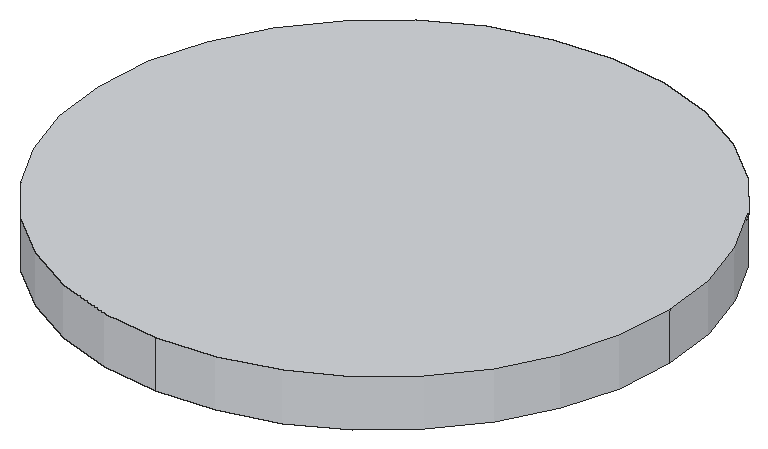
Revit family "a2218fff77af414da0526c694aa766b9", category Air Terminals, host Face, Revit 2021
Family settings
  Host = Face
  Round Connector Dimension = Use Radius
  Part Type = Normal
  OmniClass Number = 23.75.70.21.27
  OmniClass Title = Air Outlets and Inlets
  Seek Item ID = Round Duct Connector - Other Air - Air Terminal-0000-USA-ENU
  Cut with Voids When Loaded = No
  Shared = No
  Room Calculation Point = No
Parameters (values of type "Standard")
  TopArrowVisible [instance] = yes
  Thickness = 1"
  RightArrowVisible [instance] = yes
  Radius = 6"
  LeftArrowVisible [instance] = yes
  Flow [instance] = 100 CFM
  Diameter = Radius * 2  # 12"
  Default Elevation = 0' - 0"
  BottomArrowVisible [instance] = yes
  Assembly Code = ""
  Arrow Offset = 1' - 2 1/4"
Reference planes (in)
  plane 1 "Center (Front/Back)": y = 0
  plane 2: z = 0
  plane 3 "Center (Left/Right)": x = 0
Forms (in)
  Sweep 1, solid
    path in 3D
      loop
        line (0, 0, 0) -> (0, 0, 1)
    profile "Duct - Round : Duct - Round" origin (0, 0, 0.5) x (0, -1, 0) y (1, 0, 0)
      loop
        arc (-6, 0) -> (-4.24264, -4.24264) -> (0, -6) r 6
        arc (0, -6) -> (4.24264, -4.24264) -> (6, 0) r 6
        arc (6, 0) -> (4.24264, 4.24264) -> (0, 6) r 6
        arc (0, 6) -> (-4.24264, 4.24264) -> (-6, 0) r 6
Lines and regions (in)
  reference lines
    curve 1: line (0, 0, 0) -> (0, 0, 1)
  sketch lines
    curve 2: line (0, 0, 0) -> (0, 0, 1)
Dimensions and locks (in)
  "Thickness": curve 1 to curve 1
  "Arrow Offset": plane 1 "Center (Front/Back)" to nested 2
  "Arrow Offset": nested 1 to plane 3 "Center (Left/Right)"
  "Arrow Offset": plane 1 "Center (Front/Back)" to nested 4
  "Arrow Offset": plane 3 "Center (Left/Right)" to nested 3
  aligned and locked: plane 2 to host face
  aligned and locked: level to host face
  aligned and locked: host face to curve 1
  aligned and locked: curve 1 to plane 1 "Center (Front/Back)"
  aligned and locked: nested 2 to plane 3 "Center (Left/Right)"
  aligned and locked: plane 1 "Center (Front/Back)" to nested 1
  aligned and locked: plane 3 "Center (Left/Right)" to nested 4
  aligned and locked: nested 3 to plane 1 "Center (Front/Back)"
Automatic sketch dimensions
  host sketch curve to host sketch curve = 8' - 0"  (x2)
Nested families (in)
  nested 1: "Duct Terminal Arrow_Reverse" at (-14.25, 0, 0), visible <- "LeftArrowVisible", type "Duct Terminal Arrow_Reverse"
  nested 2: "Duct Terminal Arrow_Reverse" at (0, 14.25, 0) x (0, -1, 0) z (0, 0, 1), visible <- "TopArrowVisible", type "Duct Terminal Arrow_Reverse"
  nested 3: "Duct Terminal Arrow_Reverse" at (14.25, 0, 0) x (-1, 0, 0) z (0, 0, 1), visible <- "RightArrowVisible", type "Duct Terminal Arrow_Reverse"
  nested 4: "Duct Terminal Arrow_Reverse" at (0, -14.25, 0) x (0, 1, 0) z (0, 0, 1), visible <- "BottomArrowVisible", type "Duct Terminal Arrow_Reverse"
Connectors (in)
  hvac at (0, 0, 1), driven by "Radius", driven by "Flow"
    settings: on Sweep 1, index 1, duct flow 100 CFM, flow factor 0, pres drop 0.00 in-wg, loss coef 0, conn angle 0.00°, conn width 12", conn height 12", conn diameter 12", duct sys type 4, conn prof type 0, flow config 1, flow direction 2, loss method 0, conn ref index -1, conn util no, is conn primary yes, conn desc ""
Definition of nested family "Duct Terminal Arrow_Reverse"
  Reference planes (in)
    plane 1: y = 0
    plane 2: x = 0
  Lines and regions (in)
    Filled region 1, type "Solid Black"
      outline origin (-1, 0, 0) x (1, 0, 0) y (0, 1, 0)
        loop
          line (1, 0) -> (0.875, 0.0455) -> (0.875, -0.0455) -> (1, 0)
    detail lines
      curve 1: line (-0.25, 0, 0) -> (0, 0, 0)
